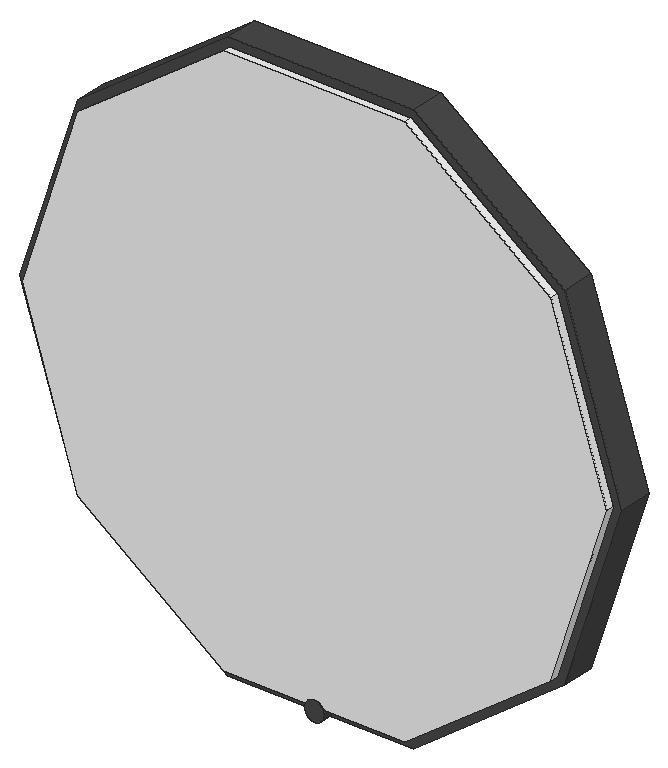
Revit family "3-100X-xx Deca Mirror", category Luminarias, Revit 2021
Family settings
  Anfitrión = Muro
  Cota de conector redondo = Diámetro de uso
  Tipo de pieza = Normal
  Número OmniClass = 23.80.70.00
  Título OmniClass = Lighting
  Siempre vertical = Sí
  Corte con vacíos al cargar = No
  Origen de luz = No
  Compartido = No
  Punto de cálculo de habitación = No
Parameters (values of type "3-1001-15 / Black")
  Width = 2 * ((Height / 2) / cos(18.00°))  # 609.848 mm
  Switch = Height - 4.3 mm  # 575.7 mm
  Height = 580 mm
  Elevación por defecto = 0 mm
  Comentarios de vataje = "1 x 39.4 W at 120 V"
  Voltage Input = "120 V or 277 V - 50/60 Hz"  # constant formula
  Voltage = 120 V
  URL = "www.oxygenlighting.com"
  References = "Ref. 3 = 120 V / Ref. 37 = 277 V"  # constant formula
  Modelo = "3-100X-xx / Deca"  # constant formula
  Metal Finish 1 = 15 - Black
  Fabricante = "Vanita by Oxygen"  # constant formula
  Lámpara = "LED Array"  # constant formula
Types (4, lengths in mm): name | Width | Switch | Height | Comentarios de vataje
  3-1001-15 / Black | 609.848 | 575.7 | 580 | "1 x 39.4 W at 120 V"
  3-1002-15 / Black | 763.362 | 721.7 | 726 | "1 x 57.7 W at 120 V"
  3-1003-15 / Black | 913.721 | 864.7 | 869 | "1 x 75.7 W at 120 V"
  3-1004-15 / Black | 1220.748 | 1156.7 | 1161 | "1 x 99.6 W at 120 V"
Reference planes
  plane 1: y = 0
  plane 2 "Light Source Axis (L/R)": x = 125
  plane 3 "Light Source Axis (F/R)": y = 160
  plane 4 "Light Source Elevation": z = 580
  plane 5: y = 75
Forms (mm)
  Extrusion 1, solid, material "15 - Black" <- "Metal Finish 1"
    sketch origin (0, 160, 0) x (1, 0, 0) y (0, 0, 1)
      loop
        circle (125, 719.3) r 10
    from 37.389 to 85
Text (mm)
  text "Placement side" at (-1787.139, 1116.779, 0), in view "Ref. Level"
  text "Placement side" at (0, 2110.396, 2986.058), in view "Left"
  text "Placement side" at (0, 628.478, 3011.967), in view "Right"
Dimensions and locks
  "Switch": Extrusion 1 sketch curve to nested 1
  aligned and locked: plane 1 to host wall
  aligned and locked: plane 5 to host wall
  aligned and locked: plane 5 to nested 1
  aligned and locked: nested 1 to plane 2 "Light Source Axis (L/R)"
Automatic sketch dimensions
  Extrusion 1 sketch curve to plane 2 "Light Source Axis (L/R)" = 0 mm
  radius of Extrusion 1 sketch curve = 10 mm
Nested families
  nested 1: "Family1" at (125, 75, 1005) x (-1, 0, 0) z (0, 0, 1), type "Family1"
    with Width 609.848 mm, Radius 290 mm, Metal Touch Switch 285.7 mm, Inner Diameter 281.5 mm, Height 580 mm
Connectors
  electrical at (125, 83.138, 1005)
    settings: on nested 1, index 1, voltage 0 V, apparent load 0 VA, apparent load phase1 0 VA, apparent load phase2 0 VA, apparent load phase3 0 VA, power factor 1, load classification "Otro", number of poles 1, system type 31, power factor state 1, is connector primary yes, connector utility no, sub classification motor no, connector description ""
Definition of nested family "Family1"
  Parameters (values of type "Family1")
    Width = 2 * (Radius / cos(18.00°))  # 315.439 mm
    Radius = Height / 2  # 150 mm
    Metal Touch Switch = (Height / 2) - 4.3 mm  # 145.7 mm
    Metal Finish 1 = none
    Inner Diameter = Radius - 8.5 mm  # 141.5 mm
    Height = 300 mm
    Default Elevation = 0 mm
  Reference planes
    plane 1 "Center (Front/Back)": y = 0
    plane 2: z = 0
    plane 3 "Center (Left/Right)": x = 0
  Forms (mm)
    Extrusion 1, solid
      sketch origin (0, 0, 0) x (1, 0, 0) y (0, 0, 1)
        loop
          line (-120.367, -87.452) -> (-45.976, -141.5) -> (45.976, -141.5) -> (120.367, -87.452) -> (148.782, 0) -> (120.367, 87.452) -> (45.976, 141.5) -> (-45.976, 141.5) -> (-120.367, 87.452) -> (-148.782, 0) -> (-120.367, -87.452)
      from 0 to 36.422
    Extrusion 2, solid, material <- "Metal Finish 1"
      sketch origin (0, 0, 0) x (1, 0, 0) y (0, 0, 1)
        loop
          line (157.719, 0) -> (127.598, 92.705) -> (48.738, 150) -> (-48.738, 150) -> (-127.598, 92.705) -> (-157.719, 0) -> (-127.598, -92.705) -> (-48.738, -150) -> (48.738, -150) -> (127.598, -92.705) -> (157.719, 0)
        loop
          line (120.367, 87.452) -> (45.976, 141.5) -> (-45.976, 141.5) -> (-120.367, 87.452) -> (-148.782, 0) -> (-120.367, -87.452) -> (-45.976, -141.5) -> (45.976, -141.5) -> (120.367, -87.452) -> (148.782, 0) -> (120.367, 87.452)
      from 8.138 to 42
  Dimensions and locks
    "Radius": Extrusion 2 sketch curve to plane 3 "Center (Left/Right)" to Extrusion 2 sketch curve  (x3)
    "Radius": Extrusion 2 sketch curve to level to Extrusion 2 sketch curve
    angle Extrusion 2 sketch curve to Extrusion 2 sketch curve = 144.00°  (x10)
    aligned and locked: plane 2 to level
    aligned and locked: Extrusion 1 sketch curve to Extrusion 2  (x10)
  Automatic sketch dimensions
    Extrusion 2 sketch curve to level = 0 mm  (x4)
    Extrusion 2 sketch curve to Extrusion 2 sketch curve = 8.937 mm  (x2)
    Extrusion 2 sketch curve to Extrusion 2 sketch curve = 7.231 mm  (x4)
    Extrusion 2 sketch curve to Extrusion 2 sketch curve = 2.762 mm  (x4)
    Extrusion 2 sketch curve to Extrusion 2 sketch curve = 8.5 mm  (x2)
    Extrusion 2 sketch curve to Extrusion 2 sketch curve = 5.253 mm  (x4)
